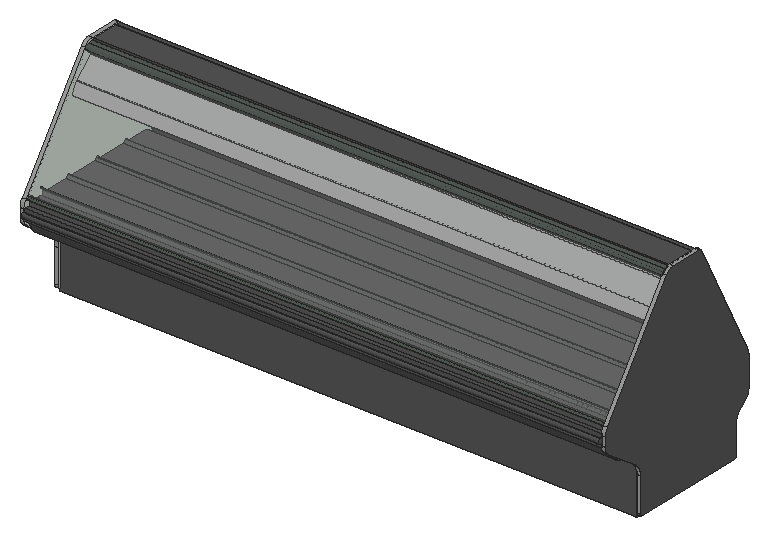
Revit family "ESGMS_2014", category Specialty Equipment, Revit 2014 (continued)
Definition of nested family "Floor Support - E Series"
  Automatic sketch dimensions
    plane 1 "Back" to Extrusion 1 sketch curve = 1/8"
    Extrusion 1 sketch curve to Extrusion 1 sketch curve = 0"  (x2)
    Extrusion 1 sketch curve to plane 6 "Left" = 0"  (x2)
    plane 6 "Left" to Extrusion 1 sketch curve = 3/4"  (x2)
    Extrusion 1 sketch curve to plane 7 "Right" = 0"  (x2)
    Extrusion 1 sketch curve to plane 7 "Right" = 7/8"
    Extrusion 1 sketch curve to Extrusion 1 sketch curve = 7/8"
    Extrusion 3 sketch curve to plane 5 "Center (Left/Right)" = 0"  (x2)
    plane 4 "Front" to Extrusion 4 sketch curve = 1/8"
    plane 6 "Left" to Extrusion 4 sketch curve = 7/8"
    Extrusion 4 sketch curve to plane 7 "Right" = 7/8"
    plane 1 "Back" to Extrusion 4 sketch curve = 1/8"
    Extrusion 1 sketch curve to plane 4 "Front" = 0"
    Extrusion 1 sketch curve to Extrusion 1 sketch curve = 2.944"
    plane 4 "Front" to Extrusion 3 sketch curve = 0.783"
    Extrusion 1 sketch curve to Extrusion 1 sketch curve = 3.069"
    plane 1 "Back" to Extrusion 3 sketch curve = 0.526"
    radius of Extrusion 3 sketch curve = 1/2"  (x2)
Definition of nested family "Service Doors - 117deg - 48"
  Parameters (values of type "Service Doors - 117deg - 48")
    Glazing = Glass
    Door Frame = Plastic - 144 Mist Gray
  Reference planes (in)
    plane 1 "Center (Front/Back)": y = 25.29918
    plane 2: z = 0
    plane 3 "Center (Left/Right)": x = 0
  Forms (in)
    Sweep 1, solid, material "Plastic - 144 Mist Gray" <- "Door Frame"
      path in 3D
        loop
          line (48, 12.47395, 49.89806) -> (0, 12.47395, 49.89806) -> (0, 25.29918, 24.72713) -> (48, 25.29918, 24.72713) -> (48, 12.47395, 49.89806)
      profile origin (24, 12.47395, 49.89806) x (0, -0.999433, -0.03367) y (0, -0.03367, 0.999433)
        loop
          line (0.21162, -0.099) -> (0, 0) -> (-0.6356, -1.35868) -> (1.40139, -2.3116) -> (1.82513, -1.40581) -> (0.01501, -0.55903) -> (0.21162, -0.099)
    Extrusion 2, solid, material "Plastic - 144 Mist Gray" <- "Door Frame"
      sketch origin (1.5, 11.15118, 47.54059) x (0, 0.45399, -0.891007) y (0, 0.891007, 0.45399)
        loop
          line (0, 0.25) -> (25.25, 0.25) -> (25.25, 1.0625) -> (0, 1.0625) -> (0, 0.25)
      from 0 to 23
    Extrusion 3, solid, material "Plastic - 144 Mist Gray" <- "Door Frame"
      sketch origin (46.5, 22.61444, 25.04267) x (0, -0.45399, 0.891007) y (0, 0.891007, 0.45399)
        loop
          line (25.25, 1.875) -> (0, 1.875) -> (0, 1.0625) -> (25.25, 1.0625) -> (25.25, 1.875)
      from 0 to 23
    Extrusion 4, void
      sketch origin (46.5, 13.11976, 47.80708) x (0, -0.45399, 0.891007) y (-1, 0, 0)
        loop
          line (-23.09373, 21.5) -> (-23.09373, 1.5) -> (-0.84373, 1.5) -> (-0.84373, 21.5) -> (-23.09373, 21.5)
      from 0 to 0.8125
    Extrusion 5, void
      sketch origin (1.5, 11.1405, 48.11223) x (0, -0.45399, 0.891007) y (1, 0, 0)
        loop
          line (-2.01418, 21.5) -> (-24.26418, 21.5) -> (-24.26418, 1.5) -> (-2.01418, 1.5) -> (-2.01418, 21.5)
      from 0 to 0.8125
    Extrusion 6, solid, material "Glass" <- "Glazing"
      sketch origin (25, 24.28508, 25.8939) x (0, -0.45399, 0.891007) y (0, -0.891007, -0.45399)
        loop
          line (1.5, 0.1875) -> (25.25, 0.1875) -> (25.25, 0.625) -> (1.5, 0.625) -> (1.5, 0.1875)
      from 0 to 20
    Extrusion 7, solid, material "Glass" <- "Glazing"
      sketch origin (23, 11.37393, 47.65408) x (0, 0.45399, -0.891007) y (0, -0.891007, -0.45399)
        loop
          line (1.5, -0.625) -> (25.25, -0.625) -> (25.25, -0.1875) -> (1.5, -0.1875) -> (1.5, -0.625)
      from 0 to 20
  Cuts and joins
    Extrusion 4 cuts Extrusion 3
    Extrusion 5 cuts Extrusion 2
  Lines and regions (in)
    sketch lines
      curve 1: line (48, 25.29918, 24.72713) -> (48, 12.47395, 49.89806)
      curve 2: line (0, 12.47395, 49.89806) -> (0, 25.29918, 24.72713)
      curve 3: line (48, 12.47395, 49.89806) -> (0, 12.47395, 49.89806)
      curve 4: line (48, 25.29918, 24.72713) -> (0, 25.29918, 24.72713)
  Dimensions and locks (in)
    Extrusion 2 to Extrusion 3 = 45"
    plane 3 "Center (Left/Right)" to Sweep 1 = 48"
    Sweep 1 to Sweep 1 = 1 1/2"
    locked: cut or joined group of Extrusion 3, Extrusion 4 to Extrusion 4 sketch curve at 1.5
    locked: Extrusion 5 sketch curve to cut or joined group of Extrusion 2, Extrusion 5 at 1.5
    Sweep 1 to Sweep 1 = 28 1/4"
    locked: cut or joined group of Extrusion 2, Extrusion 5 to Extrusion 5 sketch curve at 1.5  (x2)
    locked: Sweep 1 to Extrusion 5 sketch curve at 1.5
    locked: Extrusion 4 sketch curve to Sweep 1 at 1.5  (x3)
    Sweep 1 to Sweep 1 = 45"
    angle level to Sweep 1 = 117.00°
    aligned and locked: plane 2 to level
    aligned and locked: Extrusion 3 to Sweep 1  (x3)
    aligned and locked: Extrusion 2 to Sweep 1
    aligned and locked: Extrusion 6 to cut or joined group of Extrusion 3, Extrusion 4
    aligned and locked: cut or joined group of Extrusion 3, Extrusion 4 to Extrusion 6
    aligned and locked: cut or joined group of Extrusion 2, Extrusion 5 to Extrusion 7
    aligned and locked: plane 1 "Center (Front/Back)" to Sweep 1
    aligned and locked: Sweep 1 to Extrusion 2 sketch curve  (x2)
    aligned and locked: cut or joined group of Extrusion 2, Extrusion 5 to Extrusion 7 sketch curve
    aligned and locked: Extrusion 7 sketch curve to Sweep 1
    aligned and locked: Sweep 1 to Extrusion 3 sketch curve  (x2)
    aligned and locked: Extrusion 6 sketch curve to Sweep 1
    aligned and locked: Extrusion 6 sketch curve to cut or joined group of Extrusion 3, Extrusion 4
Definition of nested family "Service Doors - 117deg - 72"
  Parameters (values of type "Service Doors - 117deg - 72")
    Glazing = none
    Door Frame = none
  Reference planes (in)
    plane 1 "Center (Front/Back)": y = 25.29918
    plane 2: z = 0
    plane 3 "Center (Left/Right)": x = 0
  Forms (in)
    Sweep 1, solid, material <- "Door Frame"
      path in 3D
        loop
          line (72, 12.47395, 49.89806) -> (0, 12.47395, 49.89806) -> (0, 25.29918, 24.72713) -> (72, 25.29918, 24.72713) -> (72, 12.47395, 49.89806)
      profile origin (36, 12.47395, 49.89806) x (0, -0.999433, -0.03367) y (0, -0.03367, 0.999433)
        loop
          line (0.21162, -0.099) -> (0, 0) -> (-0.6356, -1.35868) -> (1.40139, -2.3116) -> (1.82513, -1.40581) -> (0.01501, -0.55903) -> (0.21162, -0.099)
    Extrusion 2, solid, material <- "Door Frame"
      sketch origin (1.5, 11.15118, 47.54059) x (0, 0.45399, -0.891007) y (0, 0.891007, 0.45399)
        loop
          line (0, 0.25) -> (25.25, 0.25) -> (25.25, 1.0625) -> (0, 1.0625) -> (0, 0.25)
      from 0 to 35
    Extrusion 3, solid, material <- "Door Frame"
      sketch origin (70.5, 22.61444, 25.04267) x (0, -0.45399, 0.891007) y (0, 0.891007, 0.45399)
        loop
          line (25.25, 1.875) -> (0, 1.875) -> (0, 1.0625) -> (25.25, 1.0625) -> (25.25, 1.875)
      from 0 to 35
    Extrusion 4, void
      sketch origin (70.5, 13.11976, 47.80708) x (0, -0.45399, 0.891007) y (-1, 0, 0)
        loop
          line (-23.09373, 33.5) -> (-23.09373, 1.5) -> (-0.84373, 1.5) -> (-0.84373, 33.5) -> (-23.09373, 33.5)
      from 0 to 0.8125
    Extrusion 5, void
      sketch origin (1.5, 11.1405, 48.11223) x (0, -0.45399, 0.891007) y (1, 0, 0)
        loop
          line (-2.01418, 33.5) -> (-24.26418, 33.5) -> (-24.26418, 1.5) -> (-2.01418, 1.5) -> (-2.01418, 33.5)
      from 0 to 0.8125
    Extrusion 6, solid, material <- "Glazing"
      sketch origin (37, 24.28508, 25.8939) x (0, -0.45399, 0.891007) y (0, -0.891007, -0.45399)
        loop
          line (1.5, 0.1875) -> (25.25, 0.1875) -> (25.25, 0.625) -> (1.5, 0.625) -> (1.5, 0.1875)
      from 0 to 32
    Extrusion 7, solid, material <- "Glazing"
      sketch origin (35, 11.37393, 47.65408) x (0, 0.45399, -0.891007) y (0, -0.891007, -0.45399)
        loop
          line (1.5, -0.625) -> (25.25, -0.625) -> (25.25, -0.1875) -> (1.5, -0.1875) -> (1.5, -0.625)
      from 0 to 32
  Cuts and joins
    Extrusion 4 cuts Extrusion 3
    Extrusion 5 cuts Extrusion 2
  Lines and regions (in)
    sketch lines
      curve 1: line (72, 25.29918, 24.72713) -> (72, 12.47395, 49.89806)
      curve 2: line (0, 12.47395, 49.89806) -> (0, 25.29918, 24.72713)
      curve 3: line (72, 12.47395, 49.89806) -> (0, 12.47395, 49.89806)
      curve 4: line (72, 25.29918, 24.72713) -> (0, 25.29918, 24.72713)
  Dimensions and locks (in)
    Extrusion 2 to Extrusion 3 = 69"
    plane 3 "Center (Left/Right)" to Sweep 1 = 72"
    Sweep 1 to Sweep 1 = 1 1/2"
    locked: cut or joined group of Extrusion 3, Extrusion 4 to Extrusion 4 sketch curve at 1.5
    locked: Extrusion 5 sketch curve to cut or joined group of Extrusion 2, Extrusion 5 at 1.5
    Sweep 1 to Sweep 1 = 28 1/4"
    locked: cut or joined group of Extrusion 2, Extrusion 5 to Extrusion 5 sketch curve at 1.5  (x2)
    locked: Sweep 1 to Extrusion 5 sketch curve at 1.5
    locked: Extrusion 4 sketch curve to Sweep 1 at 1.5  (x3)
    Sweep 1 to Sweep 1 = 69"
    angle level to Sweep 1 = 117.00°
    aligned and locked: plane 2 to level
    aligned and locked: Extrusion 3 to Sweep 1  (x3)
    aligned and locked: Extrusion 2 to Sweep 1
    aligned and locked: Extrusion 6 to cut or joined group of Extrusion 3, Extrusion 4
    aligned and locked: cut or joined group of Extrusion 3, Extrusion 4 to Extrusion 6
    aligned and locked: cut or joined group of Extrusion 2, Extrusion 5 to Extrusion 7
    aligned and locked: plane 1 "Center (Front/Back)" to Sweep 1
    aligned and locked: Sweep 1 to Extrusion 2 sketch curve  (x2)
    aligned and locked: cut or joined group of Extrusion 2, Extrusion 5 to Extrusion 7 sketch curve
    aligned and locked: Extrusion 7 sketch curve to Sweep 1
    aligned and locked: Sweep 1 to Extrusion 3 sketch curve  (x2)
    aligned and locked: Extrusion 6 sketch curve to Sweep 1
    aligned and locked: Extrusion 6 sketch curve to cut or joined group of Extrusion 3, Extrusion 4
Definition of nested family "Light"
  Parameters (values of type "Light")
    Wattage = 16.1571 W
    built-in parameter 1150110 = 1 (stored number, unit not read)
    built-in parameter 1114217 = 1 (stored number, unit not read)
    built-in parameter 1150109 = 1 (stored number, unit not read)
    built-in parameter 1150134 = (empty or 0)
    built-in parameter 1150113 = 1 (stored number, unit not read)
    Lumens = 2400 lm
    built-in parameter 1150115 = 1 (stored number, unit not read)
    built-in parameter 1150105 = 763.94 (stored number, unit not read)
    Light Source Symbol Size = 24"
    built-in parameter 1150137 = (empty or 0)
    built-in parameter 1150139 = (empty or 0)
    Lense = none
    Length = 144"
    built-in parameter 1150112 = 1 (stored number, unit not read)
    built-in parameter 1150114 = 1 (stored number, unit not read)
    built-in parameter 1150132 = 2
    built-in parameter 1150102 = (empty or 0)
    built-in parameter 1150138 = (empty or 0)
    built-in parameter 1150107 = 6100 (stored number, unit not read)
    built-in parameter 1150106 = 7.6394 (stored number, unit not read)
    Emit from Line Length = Length  # 144"
    built-in parameter 1150104 = 13.8 (stored number, unit not read)
    Dimming Lamp Color Temperature Shift = (empty or 0)
    Color Filter = 16777215
    Casing = none
    built-in parameter 1114218 = 1 (stored number, unit not read)
    built-in parameter 1150133 = 10 (stored number, unit not read)
  Reference planes (in)
    plane 1 "Light Source Axis (F/B)": y = -8.60801
    plane 2: z = 0
    plane 3 "Light Source Axis (L/R)": x = 0
    plane 4 "Light Source Elevation": z = 52.5
    plane 5: z = 0
    plane 6 "Left": x = -72
    plane 7 "Right": x = 72
  Lines and regions (in)
    model lines
      curve 1: line (-72, -8.60801, 52.5) -> (72, -8.60801, 52.5)
  Dimensions and locks (in)
    equal spacing: plane 7 "Right", plane 3 "Light Source Axis (L/R)", plane 6 "Left"
    "Length": plane 7 "Right" to plane 6 "Left"
    aligned and locked: plane 3 "Light Source Axis (L/R)" to imposter light
    aligned and locked: plane 1 "Light Source Axis (F/B)" to imposter light
    aligned and locked: plane 4 "Light Source Elevation" to imposter light
    aligned and locked: level to plane 5
  Automatic sketch dimensions
    plane 1 "Light Source Axis (F/B)" to curve 1 = 0"
    curve 1 to plane 6 "Left" = 0"
    curve 1 to plane 7 "Right" = 0"
Types (4): name | Width | Total Weight | Number of Supports | Location of Drain | Case Weight | 8 Case | 6 Case | 4 Case | 12 Case
  12'-0" Length | 144 1/2" | 1400.00 lbf | 4 | 72 1/4" | 1200.00 lbf | no | no | no | yes
  6'-0" Length | 72 3/8" | 900.00 lbf | 3 | 24 1/8" | 700.00 lbf | no | yes | no | no
  8'-0" Length | 96 3/8" | 1300.00 lbf | 3 | 24 1/8" | 1100.00 lbf | yes | no | no | no
  4'-0" Length | 48 1/4" | 800.00 lbf | 2 | 24 1/8" | 600.00 lbf | no | no | yes | no
